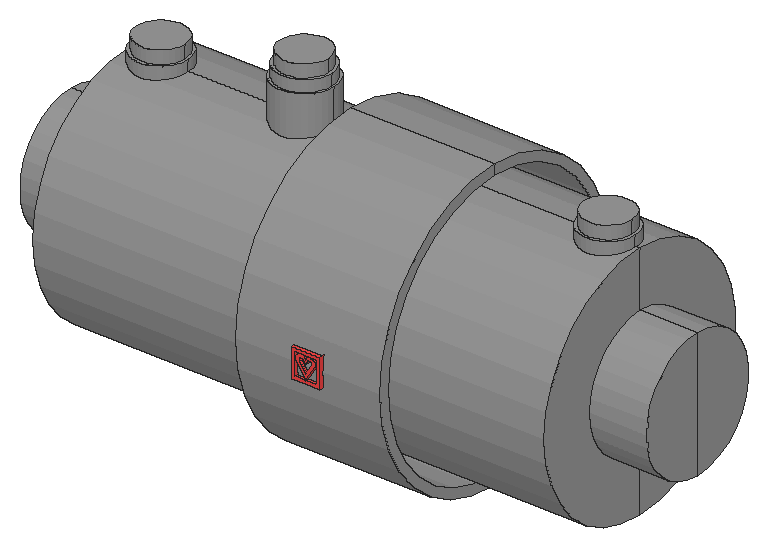
Revit family "HERZ System Separator 0307 AG-AG", category Rohrzubehör, Revit 2019
Family settings
  Bemaßung runder Anschluss = Durchmesser verwenden
  Teiletyp = Unterbricht
  OmniClass-Nummer = 23.65.55.14
  OmniClass-Titel = Valves for Liquid Services
  Arbeitsebenenbasiert = Nein
  Immer vertikal = Ja
  Beim Laden mit Abzugskörper schneiden = Nein
  Gemeinsam genutzt = Nein
Parameters (values of type "AG-AG DN40-DN40")
  URL = "www.herzvalves.com"
  SCTWSEQ = "AW;SBT_TYP_AW=\"104\";2"
  SCTWCODE = "04;12;02"  # constant formula
  S03 = 15.000 mm  # constant formula
  S02 = 45.000 mm  # constant formula
  S01 = 98.000 mm  # constant formula
  Nennweite Ein [instance] = if(AG_AG_DN40_DN40, 40.000 mm, if(AG_AG_DN40_DN50, 40.000 mm, if(AG_AG_DN50_DN40, 50.000 mm, if(AG_AG_DN50_DN50, 50.000 mm, 0.000 mm))))  # 40.000 mm
  Nennweite Aus [instance] = if(AG_AG_DN40_DN40, 40.000 mm, if(AG_AG_DN40_DN50, 50.000 mm, if(AG_AG_DN50_DN40, 40.000 mm, if(AG_AG_DN50_DN50, 50.000 mm, 0.000 mm))))  # 40.000 mm
  Model = "The backflow preventer has been developed in accordance with the standard DIN EN 1717.\r\nAccording to this standard, the water quality is divided up into 5 classes depending on the degree of contamination.\r\nBackflow preventers of type BA provide protection against non-drinking water up to hazard class 4.\r\nThis is the highest hazard class that may be safeguarded with a valve.\r\nSafeguarding a standpipe with a lower form of protection than a system separator of type BA per DIN EN 1717 is no longer reflective of current engineering practice and the operator is therefore liable in the event of damage with such a standpipe.\r\nThe functional unit is designed as a single-piece cartridge with large-dimension control piston and pressure surge-damped discharge valve system.\r\nThreaded connections are mutually interchangeable, whereby 16 possible connection variants exist (intake and outlet side available in 1 1/2\" inner or outer thread, alternatively in 2\" inner or outer thread)."
  Medium = "Water (without steam)"  # constant formula
  Max. permissible temperature (short-term) = 80 °C  # constant formula
  Max. operating temperature = 65 °C  # constant formula
  Max. operating pressure = 1000000.0 Pa  # constant formula
  L05 = 73.000 mm  # constant formula
  L04 = 28.000 mm  # constant formula
  L03 = 87.500 mm  # constant formula
  L02 = 18.000 mm  # constant formula
  L01 = 196.000 mm  # constant formula
  Installation position = "Horizontal or perpendicular pointing downwards"  # constant formula
  Note = "Pursuant to Article 33 of the REACH Regulation (EC No. 1907/2006), we are obliged to point out that the material lead is listed on the SVHC list and that all brass components manufactured in our products exceed 0.1% (w / w) lead (CAS: 7439-92-1 / EINECS: 231-100-4).\r\nSince lead is a component part of an alloy, actual exposure is not possible and therefore no additional information on safe use is necessary."
  Hersteller = "HERZ Armaturen Ges.m.b.H."  # constant formula
  D02 = 45.000 mm  # constant formula
  D01 = 37.500 mm  # constant formula
  Body = "stainless steel"  # constant formula
  Part number [instance] = if(AG_AG_DN40_DN40, "I030703", if(AG_AG_DN40_DN50, "I030711", if(AG_AG_DN50_DN40, "I030715", if(AG_AG_DN50_DN50, "I030707", "0"))))  # "I030703"
  Application = "The backflow preventer is an economical solution for retrofitting to standpipes that are required to have a mandatory safety valve according to DIN EN 1717 for preventing the back-suction, back-flowing or back-pressuring of non-drinking water into the drinking water line.\r\nThe backflow preventer is suitable for horizontal installation.\r\nIt can also be fitted perpendicular, although only pointing downwards.\r\nIt is not approved for installation in a riser."
  AG_AG_DN50_DN50 = no
  AG_AG_DN50_DN40 = no
  AG_AG_DN40_DN50 = no
  AG_AG_DN40_DN40 = yes
  AG Aus [instance] = Nennweite Aus / 2  # 20.000 mm
  AG Ein [instance] = Nennweite Ein / 2  # 20.000 mm
Types (5, lengths in mm): name | Nennweite Ein | Nennweite Aus | Model | Part number | AG_AG_DN50_DN50 | AG_AG_DN50_DN40 | AG_AG_DN40_DN50 | AG_AG_DN40_DN40 | AG Aus | AG Ein
  (no name) | 40.000 | 40.000 | "The backflow preventer has been developed in accordance with the standard DIN EN 1717.\r\nAccording to this standard, the water quality is divided up into 5 classes depending on the degree of contamination.\r\nBackflow preventers of type BA provide protection against non-drinking water up to hazard class 4.\r\nThis is the highest hazard class that may be safeguarded with a valve.\r\nSafeguarding a standpipe with a lower form of protection than a system separator of type BA per DIN EN 1717 is no longer reflective of current engineering practice and the operator is therefore liable in the event of damage with such a standpipe.\r\nThe functional unit is designed as a single-piece cartridge with large-dimension control piston and pressure surge-damped discharge valve system.\r\nThreaded connections are mutually interchangeable, whereby 16 possible connection variants exist (intake and outlet side available in 1 1/2\" inner or outer thread, alternatively in 2\" inner or outer thread)." | "I030703" | no | no | no | yes | 20.000 | 20.000
  AG-AG DN40-DN50 | 40.000 | 50.000 | "The backflow preventer has been developed in accordance with the standard DIN EN 1717.\r\nAccording to this standard, the water quality is divided up into 5 classes depending on the degree of contamination.\r\nBackflow preventers of type BA provide protection against non-drinking water up to hazard class 4.\r\nThis is the highest hazard class that may be safeguarded with a valve.\r\nSafeguarding a standpipe with a lower form of protection than a system separator of type BA per DIN EN 1717 is no longer reflective of current engineering practice and the operator is therefore liable in the event of damage with such a standpipe.\r\n\r\nThe functional unit is designed as a single-piece cartridge with large-dimension control piston and pressure surge-damped discharge valve system.\r\nThreaded connections are mutually interchangeable, whereby 16 possible connection variants exist (intake and outlet side available in 1 1/2\" inner or outer thread, alternatively in 2\" inner or outer thread)." | "I030711" | no | no | yes | no | 25.000 | 20.000
  AG-AG DN40-DN40 | 40.000 | 40.000 | "The backflow preventer has been developed in accordance with the standard DIN EN 1717.\r\nAccording to this standard, the water quality is divided up into 5 classes depending on the degree of contamination.\r\nBackflow preventers of type BA provide protection against non-drinking water up to hazard class 4.\r\nThis is the highest hazard class that may be safeguarded with a valve.\r\nSafeguarding a standpipe with a lower form of protection than a system separator of type BA per DIN EN 1717 is no longer reflective of current engineering practice and the operator is therefore liable in the event of damage with such a standpipe.\r\nThe functional unit is designed as a single-piece cartridge with large-dimension control piston and pressure surge-damped discharge valve system.\r\nThreaded connections are mutually interchangeable, whereby 16 possible connection variants exist (intake and outlet side available in 1 1/2\" inner or outer thread, alternatively in 2\" inner or outer thread)." | "I030703" | no | no | no | yes | 20.000 | 20.000
  AG-AG DN50-DN50 | 50.000 | 50.000 | "The backflow preventer has been developed in accordance with the standard DIN EN 1717.\r\nAccording to this standard, the water quality is divided up into 5 classes depending on the degree of contamination.\r\nBackflow preventers of type BA provide protection against non-drinking water up to hazard class 4.\r\nThis is the highest hazard class that may be safeguarded with a valve.\r\nSafeguarding a standpipe with a lower form of protection than a system separator of type BA per DIN EN 1717 is no longer reflective of current engineering practice and the operator is therefore liable in the event of damage with such a standpipe.\r\n\r\nThe functional unit is designed as a single-piece cartridge with large-dimension control piston and pressure surge-damped discharge valve system.\r\nThreaded connections are mutually interchangeable, whereby 16 possible connection variants exist (intake and outlet side available in 1 1/2\" inner or outer thread, alternatively in 2\" inner or outer thread)." | "I030707" | yes | no | no | no | 25.000 | 25.000
  AG-AG DN50-DN40 | 50.000 | 40.000 | "The backflow preventer has been developed in accordance with the standard DIN EN 1717.\r\nAccording to this standard, the water quality is divided up into 5 classes depending on the degree of contamination.\r\nBackflow preventers of type BA provide protection against non-drinking water up to hazard class 4.\r\nThis is the highest hazard class that may be safeguarded with a valve.\r\nSafeguarding a standpipe with a lower form of protection than a system separator of type BA per DIN EN 1717 is no longer reflective of current engineering practice and the operator is therefore liable in the event of damage with such a standpipe.\r\n\r\nThe functional unit is designed as a single-piece cartridge with large-dimension control piston and pressure surge-damped discharge valve system.\r\nThreaded connections are mutually interchangeable, whereby 16 possible connection variants exist (intake and outlet side available in 1 1/2\" inner or outer thread, alternatively in 2\" inner or outer thread)." | "I030715" | no | yes | no | no | 20.000 | 25.000
Reference planes
  plane 1 "Mitte (Vorne/hinten)": y = 0
  plane 2: z = 0
  plane 3 "Mitte (Links/rechts)": x = 0
Forms (mm)
  Revolve 1, solid, material "Messing, weicher Gelbton, geschweißt", detail levels fine
    sketch origin (0, 0, 0) x (1, 0, 0) y (0, 0, 1)
      loop
        line (-98, 0) -> (98, 0) -> (98, 20) -> (80, 20) -> (80, 37.5) -> (-80, 37.5) -> (-80, 20) -> (-98, 20) -> (-98, 0)
      axis (-98, 0) -> (98, 0)
    angle from 0 to 360
  Revolve 2, solid, material "Acetalharz, Schwarz", detail levels fine
    sketch origin (0, 0, 0) x (1, 0, 0) y (0, 0, 1)
      loop
        line (-10.5, 0) -> (1.5, 0) -> (1.5, 42) -> (34.5, 42) -> (34.5, 45) -> (-10.5, 45) -> (-10.5, 0)
      axis (-10.5, 0) -> (34.5, 0)
    angle from 0 to 360
  Extrusion 3, solid, material "Messing, weicher Gelbton, geschweißt", detail levels fine
    sketch origin (0, 0, 0) x (1, 0, 0) y (0, 1, 0)
      loop
        circle (-70, 0) r 8.5
      loop
        circle (70, 0) r 8.5
    from 0 to 40.5
  Extrusion 4, solid, material "Acetalharz, Schwarz", detail levels fine
    sketch origin (0, 0, 0) x (1, 0, 0) y (0, 1, 0)
      loop
        circle (-70, 0) r 7.5
      loop
        circle (70, 0) r 7.5
    from 40.5 to 44.5
  Extrusion 5, solid, material "Messing, weicher Gelbton, geschweißt", detail levels fine
    sketch origin (0, 0, 0) x (1, 0, 0) y (0, 1, 0)
      loop
        circle (-25, 0) r 9.3
    from 0 to 49
  Extrusion 6, solid, material "Messing, weicher Gelbton, geschweißt", detail levels fine
    sketch origin (0, 0, 0) x (1, 0, 0) y (0, 1, 0)
      loop
        circle (-25, 0) r 8.5
    from 49 to 52.5
  Extrusion 7, solid, material "Acetalharz, Schwarz", visible <- "AG_AG_DN40_DN50", detail levels fine
    sketch origin (0, 0, 0) x (1, 0, 0) y (0, 1, 0)
      loop
        circle (-25, 0) r 7.5
    from 52.5 to 56.5
  Extrusion 8, solid, material "Acetalharz, Schwarz", visible <- "AG_AG_DN40_DN40", detail levels fine
    sketch origin (0, 0, 0) x (1, 0, 0) y (0, 1, 0)
      loop
        circle (-25, 0) r 7.5
    from 52.5 to 56.4
  Extrusion 9, solid, material "Acetalharz, Schwarz", visible <- "AG_AG_DN50_DN50", detail levels fine
    sketch origin (0, 0, 0) x (1, 0, 0) y (0, 1, 0)
      loop
        circle (-25, 0) r 7.5
    from 52.5 to 56.3
  Extrusion 10, solid, material "Acetalharz, Schwarz", visible <- "AG_AG_DN50_DN40", detail levels fine
    sketch origin (0, 0, 0) x (1, 0, 0) y (0, 1, 0)
      loop
        circle (-25, 0) r 7.5
    from 52.5 to 56.2
Lines and regions (mm)
  model lines, detail levels coarse+medium
    curve 1: line (-98, 0, 37.5) -> (98, 0, 37.5)
    curve 2: line (-98, 0, -37.5) -> (-98, 0, 37.5)
    curve 3: line (98, 0, -37.5) -> (-98, 0, -37.5)
    curve 4: line (98, 0, 37.5) -> (98, 0, -37.5)
    curve 5: line (-98, 0, -22.5) -> (-53, 0, -22.5)
    curve 6: line (0, 0, -22.5) -> (98, 0, -22.5)
    curve 7: line (-98, 0, 22.5) -> (-53, 0, 22.5)
    curve 8: line (0, 0, 22.5) -> (98, 0, 22.5)
    curve 9: line (-98, 37.5, 0) -> (98, 37.5, 0)
    curve 10: line (-98, -37.5, 0) -> (-98, 37.5, 0)
    curve 11: line (98, -37.5, 0) -> (-98, -37.5, 0)
    curve 12: line (98, 37.5, 0) -> (98, -37.5, 0)
    curve 13: line (-98, 22.5, 0) -> (-53, 22.5, 0)
    curve 14: line (0, 22.5, 0) -> (98, 22.5, 0)
    curve 15: line (-98, -22.5, 0) -> (-53, -22.5, 0)
    curve 16: line (0, -22.5, 0) -> (98, -22.5, 0)
Dimensions and locks
  "L02": Revolve 1 sketch curve to Revolve 1 sketch curve  (x2)
  "L01": Revolve 1 sketch curve to Revolve 1 sketch curve
  equal spacing: Revolve 1 sketch curve, plane 3 "Mitte (Links/rechts)", Revolve 1 sketch curve
  "AG Ein": Revolve 1 sketch curve to plane 2
  "AG Aus": Revolve 1 sketch curve to plane 2
  "D01": Revolve 1 sketch curve to plane 2
  "L03": Revolve 1 to Revolve 2 sketch curve
  equal spacing: curve 4, plane 3 "Mitte (Links/rechts)", curve 2
  "L01": curve 4 to curve 2
  "D01": curve 1 to plane 2 to curve 3
  "S03": curve 5 to curve 3
  "S03": curve 1 to curve 7
  "S03": curve 1 to curve 8
  "S03": curve 6 to curve 3
  "S02": curve 5 to curve 2
  "S02": curve 7 to curve 2
  "S01": curve 8 to curve 4
  "S01": curve 6 to curve 4
  equal spacing: curve 10, plane 3 "Mitte (Links/rechts)", curve 12
  "L01": curve 10 to curve 12
  "D01": curve 11 to plane 1 "Mitte (Vorne/hinten)" to curve 9
  "S03": curve 13 to curve 9
  "S03": curve 11 to curve 15
  "S03": curve 14 to curve 9
  "S03": curve 11 to curve 16
  "S01": curve 14 to curve 12
  "S01": curve 16 to curve 12
  "S02": curve 10 to curve 15
  "S02": curve 10 to curve 13
  "D02": Revolve 2 sketch curve to Revolve 2 sketch curve
  equal spacing: Revolve 2, nested 1, Revolve 2
  "D02": nested 1 to plane 1 "Mitte (Vorne/hinten)"
  "L04": Revolve 1 to Extrusion 3 sketch curve
  "L04": Extrusion 3 sketch curve to Revolve 1
  "L04": Extrusion 4 sketch curve to Revolve 1
  "L04": Revolve 1 to Extrusion 4 sketch curve
  "L05": Revolve 1 to Extrusion 5 sketch curve
  "L05": Revolve 1 to Extrusion 6 sketch curve
  "L05": Revolve 1 to Extrusion 10 sketch curve
  "L05": Revolve 1 to Extrusion 9 sketch curve
  "L05": Revolve 1 to Extrusion 8 sketch curve
  "L05": Revolve 1 to Extrusion 7 sketch curve
  aligned and locked: level to plane 2
Automatic sketch dimensions
  Revolve 1 sketch curve to level = 0.000 mm  (x2)
  Revolve 1 sketch curve to Revolve 1 sketch curve = 1408.530 mm
  Revolve 1 sketch curve to Revolve 1 sketch curve = 1741.148 mm
  Revolve 2 sketch curve to level = 0.000 mm  (x2)
  plane 3 "Mitte (Links/rechts)" to Revolve 2 sketch curve = 1.500 mm
  Revolve 2 sketch curve to Revolve 2 sketch curve = 33.000 mm
  Revolve 2 sketch curve to Revolve 2 sketch curve = 3.000 mm
  Revolve 2 sketch curve to Revolve 2 sketch curve = 1496.030 mm
  Revolve 2 sketch curve to Revolve 2 sketch curve = 1804.648 mm
  plane 1 "Mitte (Vorne/hinten)" to Extrusion 3 sketch curve = 0.000 mm  (x2)
  plane 1 "Mitte (Vorne/hinten)" to Extrusion 4 sketch curve = 0.000 mm  (x2)
  plane 1 "Mitte (Vorne/hinten)" to Extrusion 5 sketch curve = 0.000 mm
  plane 1 "Mitte (Vorne/hinten)" to Extrusion 6 sketch curve = 0.000 mm
  plane 1 "Mitte (Vorne/hinten)" to Extrusion 7 sketch curve = 0.000 mm
  plane 1 "Mitte (Vorne/hinten)" to Extrusion 8 sketch curve = 0.000 mm
  plane 1 "Mitte (Vorne/hinten)" to Extrusion 9 sketch curve = 0.000 mm
  plane 1 "Mitte (Vorne/hinten)" to Extrusion 10 sketch curve = 0.000 mm
  radius of Extrusion 3 sketch curve = 8.500 mm  (x2)
  radius of Extrusion 4 sketch curve = 7.500 mm  (x2)
  radius of Extrusion 5 sketch curve = 9.300 mm
  radius of Extrusion 6 sketch curve = 8.500 mm
  radius of Extrusion 7 sketch curve = 7.500 mm
  radius of Extrusion 8 sketch curve = 7.500 mm
  radius of Extrusion 9 sketch curve = 7.500 mm
  radius of Extrusion 10 sketch curve = 7.500 mm
Nested families
  nested 1: "Herz-Logo-vorne" at (12, -45, 0) x (0, 1, 0) z (0, 0, 1), type "Herz-Logo-vorne", detail levels fine
Connectors
  piping at (-98, 0, 0), diameter 40, driven by "Nennweite Ein"
    settings: on Revolve 1, index 2, connector inside diameter 609.6 mm, connector length 0.000 mm, flow factor 0, pipe flow 0.0 L/s, pressure drop 0.0 Pa, fitting loss kfactor 0, connector angle 0.00°, fixture units 0, engagement length 0.000 mm, angle of deflection 0.00°, flow configuration 0, flow direction 1, fitting loss method 0, system type 29, joint type 0, gender type 0, connector reference index -1, connector utility 0, adjustable connector no, is connector primary yes, connector description ""
  piping at (98, 0, 0), diameter 40, driven by "Nennweite Aus"
    settings: on Revolve 1, index 3, connector inside diameter 609.6 mm, connector length 0.000 mm, flow factor 0, pipe flow 0.0 L/s, pressure drop 0.0 Pa, fitting loss kfactor 0, connector angle 0.00°, fixture units 0, engagement length 0.000 mm, angle of deflection 0.00°, flow configuration 0, flow direction 2, fitting loss method 0, system type 29, joint type 0, gender type 0, connector reference index -1, connector utility 0, adjustable connector no, is connector primary no, connector description ""
Definition of nested family "Herz-Logo-vorne"
  Reference planes
    plane 1 "Mitte (Vorne/hinten)": y = 0
    plane 2: z = 0
    plane 3 "Mitte (Links/rechts)": x = 0
  Forms (mm)
    Extrusion 1, solid
      sketch origin (0.732, -0.018, 0.017) x (0, -1, 0) y (0, 0, 1)
        loop
          line (-0.018, -4.517) -> (4.482, -4.517) -> (4.482, 4.483) -> (-4.518, 4.483) -> (-4.518, -4.517) -> (-0.018, -4.517)
        loop
          line (-0.05, -3.48) -> (3.482, -3.48) -> (3.482, 3.483) -> (-3.518, 3.483) -> (-3.518, -3.48) -> (-0.05, -3.48)
        loop
          arc (-0.018, 2.383) -> (-1.543, 3.287) -> (-3.067, 2.383) r 1.738
          arc (-3.067, 2.383) -> (-3.191, 1.899) -> (-3.067, 1.415) r 1.009
          line (-3.067, 1.415) -> (-0.018, -3.281) -> (3.032, 1.415)
          arc (3.032, 1.415) -> (3.156, 1.899) -> (3.032, 2.383) r 1.009
          arc (3.032, 2.383) -> (1.507, 3.287) -> (-0.018, 2.383) r 1.738
        loop
          arc (1.885, 1.272) -> (2.005, 1.675) -> (1.885, 2.079) r 0.74
          arc (1.885, 2.079) -> (1.265, 2.416) -> (0.644, 2.079) r 0.74
          line (0.644, 2.079) -> (-0.018, 0.97) -> (-0.679, 2.079)
          arc (-0.679, 2.079) -> (-1.3, 2.416) -> (-1.921, 2.079) r 0.74
          arc (-1.921, 2.079) -> (-2.04, 1.675) -> (-1.921, 1.272) r 0.74
          line (-1.921, 1.272) -> (-0.018, -1.658) -> (1.885, 1.272)
      from 0 to 1.5
  Dimensions and locks
    aligned and locked: level to plane 2
